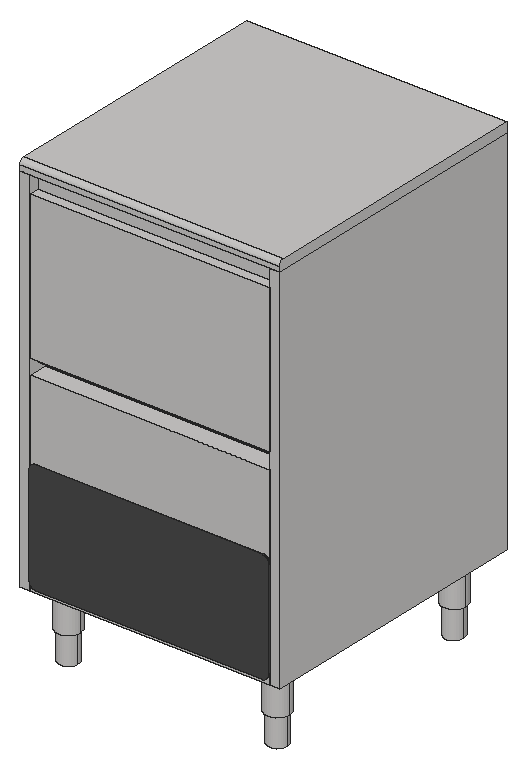
Revit family "QF_ZANUSSI_730333_ICC56I25SNP", category Attrezzature speciali, Revit 2018
Family settings
  Quota connettore circolare = Usa diametro
  Tipo di parte = Normale
  Basato su piano di lavoro = No
  Sempre verticale = Sì
  Taglio con vuoti quando caricato = No
  Condiviso = No
  Punto di calcolo locali = No
Parameters (values of type "Standard")
  Weight = 56.00 kg
  Watts = 0 W
  Volts = 220 V
  URL Manufacturer = "http://www.zanussiprofessional.com"
  URL = "http://www.zanussiprofessional.com"
  Steam Supply Size = 0 mm
  Steam Supply Minimum Pressure = 0.0 Pa
  Steam Supply Maximum Pressure = 0.0 Pa
  Steam Pounds per Hour = 0
  Show Logo [instance] = yes
  Show Clearance [instance] = yes
  Refrigeration Suction Line Size = 0 mm
  Refrigeration Liquid Line Size = 0 mm
  Refrigerant Compressor Remote = yes
  Produttore = "Zanussi"
  Phase = 1
  Modello = "ICC56I25SNP"
  Length Actual = 535 mm  # constant formula
  Item Number = "730333"
  Hot Water Size = 0 mm
  Height Actual = 894 mm  # constant formula
  HP = "0 HP"
  Gas Size = 0 mm
  Gas KW = 0
  Gas Input Pressure = 0 W
  Descrizione = "WATER COOLED ICE CUBER 40GR 56KG/24H-BIN 25KG"
  Depth Actual = 595 mm  # constant formula
  Cycle = 50 Hz
  Condensate Return Size = 0 mm
  Compressed Air Volume = 0.0 L/s
  Compressed Air Size = 0 mm
  Compressed Air Pressure = 0.0 Pa
  Cold Water Size = 19.05 mm
  Accessory = yes
Reference planes
  plane 1 "Center X": y = 272.851
  plane 2: z = 0
  plane 3 "Center Y": x = -501.5
  plane 4 "LEFT": x = -769
  plane 5 "RIGHT": x = -234
  plane 6 "FRONT": y = -19.649
  plane 7 "BACK": y = 565.351
  plane 8: z = 143
  plane 9: z = 932
  plane 10: z = 912
  plane 11: x = -749
  plane 12: x = -254
  plane 13: y = 20.351
Forms (mm)
  Extrusion 1, solid, material "QF_Finishes_Black"
    sketch origin (-217.296, -19.649, 371.513) x (-1, 0, 0) y (0, 0, -1)
      loop
        arc (516.704, -9.487) -> (527.311, -5.093) -> (531.704, 5.513) r 15
        line (531.704, 5.513) -> (531.704, 206.469)
        arc (531.704, 206.469) -> (527.311, 217.075) -> (516.704, 221.469) r 15
        line (516.704, 221.469) -> (51.704, 221.469)
        arc (51.704, 221.469) -> (41.097, 217.075) -> (36.704, 206.469) r 15
        line (36.704, 206.469) -> (36.704, 5.513)
        arc (36.704, 5.513) -> (41.097, -5.093) -> (51.704, -9.487) r 15
        line (51.704, -9.487) -> (516.704, -9.487)
    from 0 to 2
  Extrusion 2, solid, material "QF_Finishes_Stainless Steel"
    sketch origin (-501.5, 0, 0) x (0, 1, 0) y (0, 0, 1)
      loop
        line (565.351, 912) -> (565.351, 932) -> (-9.649, 932)
        arc (-9.649, 932) -> (-16.72, 929.071) -> (-19.649, 922) r 10
        line (-19.649, 922) -> (-19.649, 912) -> (565.351, 912)
    from -267.5 to 267.5
  Extrusion 3, solid, material "QF_Finishes_Stainless Steel"
    sketch origin (-354.7, 565.351, -329.545) x (1, 0, 0) y (0, 0, -1)
      loop
        circle (53.2, -643.545) r 10
    from 0 to 10
  Extrusion 4, solid, material "QF_Finishes_Stainless Steel"
    sketch origin (0, 0, 0) x (1, 0, 0) y (0, 1, 0)
      loop
        line (-769, 565.351) -> (-769, -19.649) -> (-749, -19.649) -> (-749, 565.351) -> (-769, 565.351)
    from 143 to 912
  Extrusion 5, solid, material "QF_Finishes_Stainless Steel"
    sketch origin (0, 0, 0) x (1, 0, 0) y (0, 1, 0)
      loop
        line (-254, 565.351) -> (-254, -19.649) -> (-234, -19.649) -> (-234, 565.351) -> (-254, 565.351)
    from 143 to 912
  Extrusion 6, solid, material "QF_Finishes_Stainless Steel"
    sketch origin (0, 0, 0) x (1, 0, 0) y (0, 1, 0)
      loop
        line (-749, 565.351) -> (-749, 20.351) -> (-254, 20.351) -> (-254, 565.351) -> (-749, 565.351)
    from 143 to 912
  Extrusion 7, solid, material "QF_Finishes_Stainless Steel"
    sketch origin (0, 0, 0) x (1, 0, 0) y (0, 1, 0)
      loop
        line (-749, -19.649) -> (-254, -19.649) -> (-254, 20.351) -> (-749, 20.351) -> (-749, -19.649)
    from 143 to 541.146
  Extrusion 8, solid, material "QF_Finishes_Stainless Steel"
    sketch origin (-501.5, 0, 0) x (0, 1, 0) y (0, 0, 1)
      loop
        line (20.351, 912) -> (0.351, 912) -> (0.351, 876) -> (-19.649, 876) -> (-19.649, 572.768) -> (0.351, 572.768) -> (0.351, 557) -> (20.351, 557) -> (20.351, 912)
    from -247.5 to 247.5
  Extrusion 9, solid, material "QF_Finishes_Stainless Steel"
    sketch origin (-337.2, 565.351, -440.545) x (1, 0, 0) y (0, 0, -1)
      loop
        circle (53.2, -643.545) r 10
    from 0 to 10
  Extrusion 10, solid, material "QF_Finishes_Stainless Steel"
    sketch origin (-397.7, 565.351, -361.545) x (1, 0, 0) y (0, 0, -1)
      loop
        circle (53.2, -643.545) r 10
    from 0 to 10
Lines and regions (mm)
  Split face 1
    outline origin (-501.5, 0.351, 912) x (0, 0, -1) y (1, 0, 0)
      loop
        line (5.715, 124.928) -> (30.715, 124.928) -> (30.715, 164.928) -> (5.715, 164.928) -> (5.715, 124.928)
  symbolic lines
    curve 1: line (-769, 565.351, 0) -> (-234, 565.351, 0)
    curve 2: line (-769, -19.649, 0) -> (-769, 565.351, 0)
    curve 3: line (-234, -19.649, 0) -> (-769, -19.649, 0)
    curve 4: line (-234, 565.351, 0) -> (-234, -19.649, 0)
Dimensions and locks
  equal spacing: plane 4 "LEFT", plane 3 "Center Y", plane 5 "RIGHT"
  plane 4 "LEFT" to plane 5 "RIGHT" = 535 mm
  equal spacing: plane 7 "BACK", plane 1 "Center X", plane 6 "FRONT"
  plane 7 "BACK" to plane 6 "FRONT" = 585 mm
  plane 8 to plane 2 = 143 mm
  plane 9 to plane 8 = 789 mm
  locked: plane 4 "LEFT" to plane 11 at 20
  locked: plane 12 to plane 5 "RIGHT" at 20
  locked: plane 9 to plane 10 at 20
  locked: plane 13 to plane 6 "FRONT" at 40
  aligned and locked: level to plane 2
  aligned and locked: plane 5 "RIGHT" to Extrusion 2
  aligned and locked: Extrusion 2 to plane 4 "LEFT"
  aligned and locked: Extrusion 4 sketch curve to Extrusion 2  (x2)
  aligned and locked: plane 6 "FRONT" to Extrusion 4 sketch curve
  aligned and locked: Extrusion 4 sketch curve to plane 11
  aligned and locked: Extrusion 5 sketch curve to plane 7 "BACK"
  aligned and locked: plane 12 to Extrusion 5 sketch curve
  aligned and locked: Extrusion 5 sketch curve to Extrusion 2  (x2)
  aligned and locked: plane 10 to Extrusion 4
  aligned and locked: plane 10 to Extrusion 5
  aligned and locked: Extrusion 4 to plane 8
  aligned and locked: Extrusion 5 to plane 8
  aligned and locked: Extrusion 6 sketch curve to Extrusion 4
  aligned and locked: Extrusion 4 to Extrusion 6 sketch curve
  aligned and locked: plane 13 to Extrusion 6 sketch curve
  aligned and locked: Extrusion 6 sketch curve to plane 12
  aligned and locked: plane 10 to Extrusion 6
  aligned and locked: Extrusion 6 to plane 8
  aligned and locked: Extrusion 4 to Extrusion 7 sketch curve
  aligned and locked: Extrusion 7 sketch curve to Extrusion 4
  aligned and locked: plane 13 to Extrusion 7 sketch curve
  aligned and locked: plane 12 to Extrusion 7 sketch curve
  aligned and locked: Extrusion 7 to plane 8
  aligned and locked: plane 12 to Extrusion 8
  aligned and locked: Extrusion 8 to plane 11
Automatic sketch dimensions
  curve 3 to plane 4 "LEFT" = 0 mm
  curve 3 to plane 5 "RIGHT" = 0 mm
  curve 3 to plane 6 "FRONT" = 0 mm
  curve 2 to plane 7 "BACK" = 0 mm
  Extrusion 1 sketch curve to plane 12 = 0 mm
  plane 8 to Extrusion 1 sketch curve = 7.044 mm
  Extrusion 1 sketch curve to Extrusion 1 sketch curve = 15 mm  (x3)
  plane 11 to Extrusion 1 sketch curve = 15 mm  (x2)
  Extrusion 1 sketch curve to Extrusion 1 sketch curve = 200.956 mm
  Extrusion 2 sketch curve to plane 6 "FRONT" = 0 mm
  Extrusion 2 sketch curve to plane 9 = 0 mm
  Extrusion 2 sketch curve to plane 7 "BACK" = 0 mm
  Extrusion 2 sketch curve to plane 10 = 0 mm
  plane 6 "FRONT" to Extrusion 2 sketch curve = 10 mm
  Extrusion 6 to Extrusion 3 sketch curve = 171 mm
  Extrusion 3 sketch curve to Extrusion 6 = 47.5 mm
  Extrusion 8 sketch curve to plane 6 "FRONT" = 0 mm
  Extrusion 8 sketch curve to plane 10 = 0 mm
  Extrusion 8 sketch curve to plane 13 = 0 mm
  plane 6 "FRONT" to Extrusion 8 sketch curve = 20 mm  (x2)
  Extrusion 8 sketch curve to plane 10 = 36 mm
  Extrusion 8 sketch curve to Extrusion 8 sketch curve = 303.232 mm
  Extrusion 8 sketch curve to Extrusion 8 sketch curve = 15.768 mm
  Split face 1 sketch curve to Extrusion 8 = 5.715 mm
  Extrusion 8 to Split face 1 sketch curve = 5.285 mm
  Split face 1 sketch curve to Extrusion 8 = 122.572 mm
  Split face 1 sketch curve to Split face 1 sketch curve = 40 mm
  Extrusion 9 sketch curve to Extrusion 6 = 30 mm
  Extrusion 6 to Extrusion 9 sketch curve = 60 mm
  Extrusion 10 sketch curve to Extrusion 6 = 90.5 mm
  Extrusion 6 to Extrusion 10 sketch curve = 139 mm
  radius of Extrusion 3 sketch curve = 10 mm
  radius of Extrusion 9 sketch curve = 10 mm
  radius of Extrusion 10 sketch curve = 10 mm
Nested families
  nested 1: "Foot_Complete" at (-717, 40.351, 0), type "Foot_Complete"
    with H 143 mm
  nested 2: "Foot_Complete" at (-286, 40.351, 0) x (-1, 0, 0) z (0, 0, 1), type "Foot_Complete"
    with H 143 mm
  nested 3: "Foot_Complete" at (-717, 494.351, 0), type "Foot_Complete"
    with H 143 mm
  nested 4: "Foot_Complete" at (-286, 494.351, 0) x (-1, 0, 0) z (0, 0, 1), type "Foot_Complete"
    with H 143 mm
Connectors
  electrical at (-284, 575.351, 203), driven by "Volts"
    settings: on Extrusion 9, index 1, voltage 220 V, apparent load 0 VA, apparent load phase1 0 VA, apparent load phase2 0 VA, apparent load phase3 0 VA, power factor 1, load classification "Altro", number of poles 1, system type 30, power factor state 1, is connector primary yes, connector utility no, sub classification motor no, connector description "Electrical Connection"
  piping at (-301.5, 575.351, 314), diameter 20
    settings: on Extrusion 3, index 2, connector inside diameter 609.6 mm, connector length 0 mm, flow factor 0, pipe flow 0.0 L/s, pressure drop 0.0 Pa, fitting loss kfactor 0, connector angle 0.00°, fixture units 0, engagement length 0 mm, angle of deflection 0.00°, flow configuration 0, flow direction 0, fitting loss method 0, system type 20, joint type 0, gender type 0, connector reference index -1, connector utility 0, adjustable connector no, is connector primary yes, connector description "Cold water"
  piping at (-344.5, 575.351, 282), diameter 20
    settings: on Extrusion 10, index 3, connector inside diameter 609.6 mm, connector length 0 mm, flow factor 0, pipe flow 0.0 L/s, pressure drop 0.0 Pa, fitting loss kfactor 0, connector angle 0.00°, fixture units 0, engagement length 0 mm, angle of deflection 0.00°, flow configuration 0, flow direction 0, fitting loss method 0, system type 16, joint type 0, gender type 0, connector reference index -1, connector utility 0, adjustable connector no, is connector primary no, connector description "Drain"
Definition of nested family "Foot_Complete"
  Parameters (values of type "Foot_Complete")
    R = 25 mm
    H = 153 mm
  Reference planes
    plane 1 "Centro (Fronte/Retro)": y = 0
    plane 2: z = 0
    plane 3 "Centro (Sinistra/Destra)": x = 0
    plane 4: z = 153
  Forms (mm)
    Revolve 1, solid
      sketch origin (255.05, 0, 608.09) x (0, 0, 1) y (-1, 0, 0)
        loop
          line (-608.09, 255.05) -> (-608.09, 235.05) -> (-548.09, 235.05) -> (-548.09, 230.05) -> (-455.09, 230.05) -> (-455.09, 255.05) -> (-608.09, 255.05)
        axis (-608.09, 255.05) -> (-455.09, 255.05)
      angle from 0 to 360
  Dimensions and locks
    level to Revolve 1 sketch curve = 60 mm
    "R": Revolve 1 sketch curve to plane 3 "Centro (Sinistra/Destra)"
    "H": plane 4 to level
    aligned and locked: level to plane 2
    aligned and locked: plane 4 to Revolve 1 sketch curve
    aligned and locked: Revolve 1 sketch curve to level
    aligned and locked: plane 3 "Centro (Sinistra/Destra)" to Revolve 1 sketch curve
  Automatic sketch dimensions
    Revolve 1 sketch curve to plane 3 "Centro (Sinistra/Destra)" = 0 mm
    plane 3 "Centro (Sinistra/Destra)" to Revolve 1 sketch curve = 20 mm
    Revolve 1 sketch curve to Revolve 1 sketch curve = 50 mm
    Revolve 1 sketch curve to Revolve 1 sketch curve = 20 mm
